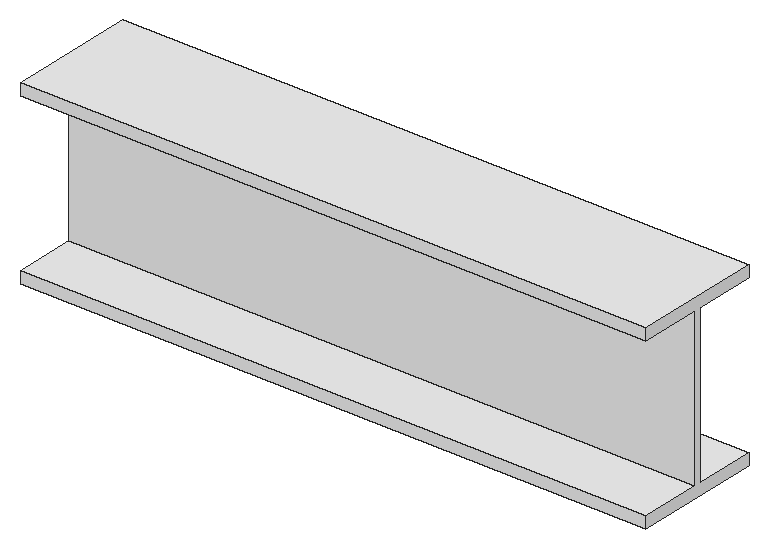
Revit family "VS - CVS de vigas soldadas", category Quadro estrutural, Revit 2019
Family settings
  Arredondamento do comprimento do framing estrutural = 1 mm
  Forma do corte = Não definido
  Material para o comportamento do modelo = Aço
  Exportar sempre como geometria = Não
  Sempre na vertical = Sim
  Corte com vazios quando carregada = Não
  Representação simbólica = Das configurações de projeto
  Compartilhado = Não
  Exibir o pré-corte da família na vista da planta = Sim
Parameters (values of type "CVS 350x118")
  d1 = d - 2 * tf  # 305.2 mm
  W = 0.118
  Type Comments = ""
  Structural Material [instance] = Metal - Aço - 250 MPa
  Assembly Code = ""
  Length [instance] = 1500 mm
  bf = 250 mm
  d = 350 mm
  tf = 22.4 mm
  tw = 12.5 mm
  A = 0.015 m²
Reference planes
  plane 1 "Centro (Frente/Trás)": y = 0
  plane 2: z = 0
  plane 3 "Centro (Esquerda/Direita)": x = 4.61
  plane 4 "Membro esquerdo": x = -604.99
  plane 5 "Membro direito": x = 614.21
  plane 6: y = 125
  plane 7: y = -125
  plane 8 "Superior": z = 175
  plane 9: z = -175
  plane 10 "Esquerda": x = -757.39
  plane 11 "Direita": x = 742.61
  plane 12: z = 152.6
  plane 13: z = -152.6
Forms (mm)
  Sweep 1, solid, material "Metal - Aço - 250 MPa" <- "Structural Material", detail levels medium+fine
    path origin (0, 0, 0) x (1, 0, 0) y (0, 1, 0)
      loop
        line (614.21, 0) -> (-604.99, 0)
    profile "WB-Vigas Soladas-Perfil : WB-Vigas Soladas-Perfil" origin (4.61, 0, 0) x (0, -1, 0) y (0, 0, 1)
      loop
        line (-125, -175) -> (125, -175) -> (125, -152.6) -> (6.25, -152.6) -> (6.25, 152.6) -> (125, 152.6) -> (125, 175) -> (-125, 175) -> (-125, 152.6) -> (-6.25, 152.6) -> (-6.25, -152.6) -> (-125, -152.6) -> (-125, -175)
Lines and regions (mm)
  symbolic lines, style "Faces ocultas", detail levels medium+fine
    curve 1: line (614.21, -6.25, 0) -> (-604.99, -6.25, 0)
    curve 2: line (614.21, 6.25, 0) -> (-604.99, 6.25, 0)
  symbolic lines, style "Símbolos de vara", detail levels coarse
    curve 3: line (4.61, 125, 175) -> (4.61, -125, 175)
    curve 4: line (4.61, -125, -175) -> (4.61, 125, -175)
    curve 5: line (4.61, 0, 175) -> (4.61, 0, -175)
Dimensions and locks
  "bf": plane 6 to plane 7
  "d": plane 9 to plane 8 "Superior"
  equal spacing: plane 9, plane 2, plane 8 "Superior"
  equal spacing: plane 6, plane 1 "Centro (Frente/Trás)", plane 7
  "Length": plane 10 "Esquerda" to plane 11 "Direita"
  "tw": curve 2 to curve 1
  equal spacing: curve 2, plane 1 "Centro (Frente/Trás)", curve 1
  equal spacing: plane 12, plane 2, plane 13
  "d1": plane 12 to plane 13
  aligned and locked: Sweep 1 sketch curve to plane 1 "Centro (Frente/Trás)"
  aligned and locked: plane 4 "Membro esquerdo" to Sweep 1 sketch curve
  aligned and locked: plane 5 "Membro direito" to Sweep 1 sketch curve
  aligned and locked: plane 4 "Membro esquerdo" to curve 1
  aligned and locked: plane 5 "Membro direito" to curve 1
  aligned and locked: plane 4 "Membro esquerdo" to curve 2
  aligned and locked: plane 5 "Membro direito" to curve 2
Automatic sketch dimensions
  curve 5 to plane 1 "Centro (Frente/Trás)" = 0 mm
  curve 3 to plane 7 = 0 mm
  curve 4 to plane 7 = 0 mm
  curve 4 to plane 6 = 0 mm
  curve 3 to plane 6 = 0 mm
  plane 9 to curve 4 = 0 mm
  plane 8 "Superior" to curve 5 = 0 mm
Types in the file's own list only (113): name | d1 | W | bf | d | tf | tw | A
  CVS 300x47 | 281 mm | 0.0475 | 200 mm | 300 mm | 10 mm | 8 mm | 0.01 m²
  CVS 300x57 | 275 mm | 0.0565 | 200 mm | 300 mm | 13 mm | 8 mm | 0.01 m²
  CVS 300x67 | 268 mm | 0.0671 | 200 mm | 300 mm | 16 mm | 8 mm | 0.01 m²
  CVS 300x70 | 268 mm | 0.0702 | 200 mm | 300 mm | 16 mm | 10 mm | 0.01 m²
  CVS 300x79 | 262 mm | 0.0792 | 200 mm | 300 mm | 19 mm | 10 mm | 0.01 m²
  CVS 300x85 | 262 mm | 0.0854 | 200 mm | 300 mm | 19 mm | 13 mm | 0.01 m²
  CVS 300x95 | 255 mm | 0.0954 | 200 mm | 300 mm | 22 mm | 13 mm | 0.01 m²
  CVS 300x55 | 281 mm | 0.0549 | 250 mm | 300 mm | 10 mm | 8 mm | 0.01 m²
  CVS 300x66 | 275 mm | 0.0663 | 250 mm | 300 mm | 13 mm | 8 mm | 0.01 m²
  CVS 300x80 | 268 mm | 0.0796 | 250 mm | 300 mm | 16 mm | 8 mm | 0.01 m²
  CVS 300x83 | 268 mm | 0.0828 | 250 mm | 300 mm | 16 mm | 10 mm | 0.01 m²
  CVS 300x94 | 262 mm | 0.0941 | 250 mm | 300 mm | 19 mm | 10 mm | 0.01 m²
  CVS 300x100 | 262 mm | 0.1 | 250 mm | 300 mm | 19 mm | 13 mm | 0.01 m²
  CVS 300x113 | 255 mm | 0.113 | 250 mm | 300 mm | 22 mm | 13 mm | 0.01 m²
  CVS 350x73 | 325 mm | 0.0733 | 250 mm | 350 mm | 13 mm | 10 mm | 0.01 m²
  CVS 350x87 | 318 mm | 0.0865 | 250 mm | 350 mm | 16 mm | 10 mm | 0.01 m²
  CVS 350x98 | 312 mm | 0.0978 | 250 mm | 350 mm | 19 mm | 10 mm | 0.01 m²
  CVS 350x105 | 312 mm | 0.105 | 250 mm | 350 mm | 19 mm | 13 mm | 0.01 m²
  CVS 350x128 | 300 mm | 0.128 | 250 mm | 350 mm | 25 mm | 13 mm | 0.02 m²
  CVS 350x136 | 300 mm | 0.136 | 250 mm | 350 mm | 25 mm | 16 mm | 0.02 m²
  CVS 400x82 | 375 mm | 0.0824 | 300 mm | 400 mm | 13 mm | 8 mm | 0.01 m²
  CVS 400x87 | 375 mm | 0.0688 | 300 mm | 400 mm | 13 mm | 10 mm | 0.01 m²
  CVS 400x103 | 368 mm | 0.103 | 300 mm | 400 mm | 16 mm | 10 mm | 0.01 m²
  CVS 400x116 | 362 mm | 0.116 | 300 mm | 400 mm | 19 mm | 10 mm | 0.01 m²
  CVS 400x125 | 362 mm | 0.125 | 300 mm | 400 mm | 19 mm | 13 mm | 0.02 m²
  CVS 400x140 | 355 mm | 0.14 | 300 mm | 400 mm | 22 mm | 13 mm | 0.02 m²
  CVS 400x152 | 350 mm | 0.152 | 300 mm | 400 mm | 25 mm | 13 mm | 0.02 m²
  CVS 400x162 | 350 mm | 0.162 | 300 mm | 400 mm | 25 mm | 16 mm | 0.02 m²
  CVS 450x116 | 418 mm | 0.116 | 300 mm | 450 mm | 16 mm | 13 mm | 0.01 m²
  CVS 450x130 | 412 mm | 0.13 | 300 mm | 450 mm | 19 mm | 13 mm | 0.02 m²
  CVS 450x141 | 412 mm | 0.141 | 300 mm | 450 mm | 19 mm | 16 mm | 0.02 m²
  CVS 450x156 | 405 mm | 0.156 | 300 mm | 450 mm | 22 mm | 16 mm | 0.02 m²
  CVS 450x168 | 400 mm | 0.168 | 300 mm | 450 mm | 25 mm | 16 mm | 0.02 m²
  CVS 450x177 | 400 mm | 0.177 | 300 mm | 450 mm | 25 mm | 19 mm | 0.02 m²
  CVS 450x188 | 400 mm | 0.188 | 300 mm | 450 mm | 25 mm | 22 mm | 0.02 m²
  CVS 450x206 | 387 mm | 0.206 | 300 mm | 450 mm | 32 mm | 19 mm | 0.03 m²
  CVS 450x216 | 387 mm | 0.216 | 300 mm | 450 mm | 32 mm | 22 mm | 0.03 m²
  CVS 500x123 | 468 mm | 0.123 | 350 mm | 500 mm | 16 mm | 10 mm | 0.02 m²
  CVS 500x134 | 468 mm | 0.134 | 350 mm | 500 mm | 16 mm | 13 mm | 0.02 m²
  CVS 500x150 | 462 mm | 0.15 | 350 mm | 500 mm | 19 mm | 13 mm | 0.02 m²
  CVS 500x162 | 462 mm | 0.162 | 350 mm | 500 mm | 19 mm | 16 mm | 0.02 m²
  CVS 500x180 | 455 mm | 0.18 | 350 mm | 500 mm | 22 mm | 16 mm | 0.02 m²
  CVS 500x194 | 450 mm | 0.194 | 350 mm | 500 mm | 25 mm | 16 mm | 0.02 m²
  CVS 500x204 | 450 mm | 0.204 | 350 mm | 500 mm | 25 mm | 19 mm | 0.03 m²
  CVS 500x217 | 450 mm | 0.217 | 350 mm | 500 mm | 25 mm | 22 mm | 0.05 m²
  CVS 500x238 | 437 mm | 0.238 | 350 mm | 500 mm | 32 mm | 19 mm | 0.03 m²
  CVS 500x250 | 437 mm | 0.25 | 350 mm | 500 mm | 32 mm | 22 mm | 0.03 m²
  CVS 500x259 | 437 mm | 0.259 | 350 mm | 500 mm | 32 mm | 25 mm | 0.03 m²
  CVS 500x281 | 425 mm | 0.281 | 350 mm | 500 mm | 38 mm | 22 mm | 0.04 m²
  CVS 500x314 | 412 mm | 0.314 | 350 mm | 500 mm | 44 mm | 22 mm | 0.04 m²
  CVS 550x184 | 512 mm | 0.184 | 400 mm | 550 mm | 19 mm | 16 mm | 0.02 m²
  CVS 550x204 | 505 mm | 0.204 | 400 mm | 550 mm | 22 mm | 16 mm | 0.03 m²
  CVS 550x220 | 500 mm | 0.22 | 400 mm | 550 mm | 25 mm | 16 mm | 0.03 m²
  CVS 550x232 | 500 mm | 0.232 | 400 mm | 550 mm | 25 mm | 19 mm | 0.03 m²
  CVS 550x245 | 500 mm | 0.245 | 400 mm | 550 mm | 25 mm | 22 mm | 0.03 m²
  CVS 550x270 | 487 mm | 0.27 | 400 mm | 550 mm | 32 mm | 19 mm | 0.03 m²
  CVS 550x283 | 487 mm | 0.283 | 400 mm | 550 mm | 32 mm | 22 mm | 0.04 m²
  CVS 550x293 | 487 mm | 0.293 | 400 mm | 550 mm | 32 mm | 25 mm | 0.04 m²
  CVS 550x319 | 475 mm | 0.319 | 400 mm | 550 mm | 38 mm | 22 mm | 0.04 m²
  CVS 550x329 | 475 mm | 0.329 | 400 mm | 550 mm | 38 mm | 25 mm | 0.04 m²
  CVS 550x357 | 462 mm | 0.367 | 400 mm | 550 mm | 44 mm | 22 mm | 0.05 m²
  CVS 550x367 | 462 mm | 0.367 | 400 mm | 550 mm | 44 mm | 25 mm | 0.05 m²
  CVS 600x156 | 568 mm | 0.156 | 400 mm | 600 mm | 16 mm | 13 mm | 0.02 m²
  CVS 600x190 | 562 mm | 0.19 | 400 mm | 600 mm | 19 mm | 16 mm | 0.02 m²
  CVS 600x210 | 555 mm | 0.21 | 400 mm | 600 mm | 22 mm | 16 mm | 0.03 m²
  CVS 600x226 | 550 mm | 0.226 | 400 mm | 600 mm | 25 mm | 16 mm | 0.03 m²
  CVS 600x239 | 550 mm | 0.239 | 400 mm | 600 mm | 25 mm | 19 mm | 0.03 m²
  CVS 600x278 | 537 mm | 0.278 | 400 mm | 600 mm | 32 mm | 19 mm | 0.04 m²
  CVS 600x292 | 537 mm | 0.292 | 400 mm | 600 mm | 32 mm | 22 mm | 0.04 m²
  CVS 600x328 | 525 mm | 0.328 | 400 mm | 600 mm | 38 mm | 22 mm | 0.04 m²
  CVS 600x339 | 525 mm | 0.339 | 400 mm | 600 mm | 38 mm | 25 mm | 0.04 m²
  CVS 600x367 | 512 mm | 0.367 | 400 mm | 600 mm | 44 mm | 22 mm | 0.05 m²
  CVS 600x412 | 500 mm | 0.412 | 400 mm | 600 mm | 50 mm | 25 mm | 0.05 m²
  CVS 600x211 | 612 mm | 0.211 | 450 mm | 650 mm | 19 mm | 16 mm | 0.03 m²
  CVS 650x234 | 605 mm | 0.234 | 450 mm | 650 mm | 22 mm | 16 mm | 0.03 m²
  CVS 650x252 | 600 mm | 0.252 | 450 mm | 650 mm | 25 mm | 16 mm | 0.03 m²
  CVS 650x266 | 600 mm | 0.266 | 450 mm | 650 mm | 25 mm | 19 mm | 0.03 m²
  CVS 650x282 | 600 mm | 0.282 | 450 mm | 650 mm | 25 mm | 22 mm | 0.04 m²
  CVS 650x310 | 587 mm | 0.31 | 450 mm | 650 mm | 32 mm | 19 mm | 0.04 m²
  CVS 650x326 | 587 mm | 0.326 | 450 mm | 650 mm | 32 mm | 22 mm | 0.04 m²
  CVS 650x351 | 575 mm | 0.361 | 450 mm | 650 mm | 38 mm | 19 mm | 0.04 m²
  CVS 650x366 | 575 mm | 0.366 | 450 mm | 650 mm | 38 mm | 22 mm | 0.05 m²
  CVS 650x410 | 562 mm | 0.41 | 450 mm | 650 mm | 44 mm | 22 mm | 0.05 m²
  CVS 650x461 | 550 mm | 0.461 | 450 mm | 650 mm | 50 mm | 25 mm | 0.06 m²
  CVS 700x199 | 662 mm | 0.199 | 450 mm | 700 mm | 19 mm | 13 mm | 0.03 m²
  CVS 700x217 | 662 mm | 0.217 | 450 mm | 700 mm | 19 mm | 16 mm | 0.03 m²
  CVS 700x258 | 650 mm | 0.258 | 450 mm | 700 mm | 25 mm | 16 mm | 0.03 m²
  CVS 700x274 | 650 mm | 0.274 | 450 mm | 700 mm | 25 mm | 19 mm | 0.03 m²
  CVS 700x303 | 637 mm | 0.303 | 450 mm | 700 mm | 32 mm | 16 mm | 0.04 m²
  CVS 700x318 | 637 mm | 0.318 | 450 mm | 700 mm | 32 mm | 19 mm | 0.04 m²
  CVS 750x284 | 700 mm | 0.384 | 500 mm | 750 mm | 25 mm | 16 mm | 0.04 m²
  CVS 750x301 | 700 mm | 0.301 | 500 mm | 750 mm | 25 mm | 19 mm | 0.04 m²
  CVS 750x334 | 687 mm | 0.334 | 500 mm | 750 mm | 32 mm | 16 mm | 0.04 m²
  CVS 750x350 | 687 mm | 0.35 | 500 mm | 750 mm | 32 mm | 19 mm | 0.04 m²
  CVS 800x271 | 755 mm | 0.271 | 500 mm | 800 mm | 22 mm | 16 mm | 0.03 m²
  CVS 800x290 | 750 mm | 0.29 | 500 mm | 800 mm | 25 mm | 16 mm | 0.04 m²
  CVS 800x308 | 750 mm | 0.308 | 500 mm | 800 mm | 25 mm | 19 mm | 0.04 m²
  CVS 800x340 | 737 mm | 0.34 | 500 mm | 800 mm | 32 mm | 16 mm | 0.04 m²
  CVS 800x357 | 737 mm | 0.367 | 500 mm | 800 mm | 32 mm | 19 mm | 0.05 m²
  CVS 850x297 | 800 mm | 0.297 | 500 mm | 850 mm | 25 mm | 16 mm | 0.04 m²
  CVS 850x316 | 800 mm | 0.316 | 500 mm | 850 mm | 25 mm | 19 mm | 0.04 m²
  CVS 850x346 | 787 mm | 0.346 | 500 mm | 850 mm | 32 mm | 16 mm | 0.04 m²
  CVS 850x365 | 787 mm | 0.365 | 500 mm | 850 mm | 32 mm | 19 mm | 0.05 m²
  CVS 900x323 | 850 mm | 0.323 | 550 mm | 900 mm | 25 mm | 16 mm | 0.04 m²
  CVS 900x343 | 850 mm | 0.343 | 550 mm | 900 mm | 25 mm | 19 mm | 0.04 m²
  CVS 900x377 | 837 mm | 0.377 | 550 mm | 900 mm | 32 mm | 16 mm | 0.05 m²
  CVS 900x397 | 837 mm | 0.397 | 550 mm | 900 mm | 32 mm | 19 mm | 0.05 m²
  CVS 950x329 | 900 mm | 0.329 | 550 mm | 950 mm | 25 mm | 16 mm | 0.04 m²
  CVS 950x350 | 900 mm | 0.35 | 550 mm | 950 mm | 25 mm | 19 mm | 0.04 m²
  CVS 950x383 | 887 mm | 0.383 | 550 mm | 950 mm | 32 mm | 16 mm | 0.05 m²
  CVS 950x404 | 887 mm | 0.404 | 550 mm | 950 mm | 32 mm | 19 mm | 0.05 m²
  CVS 1000x355 | 950 mm | 0.355 | 600 mm | 1000 mm | 25 mm | 16 mm | 0.05 m²
  CVS 1000x414 | 937 mm | 0.414 | 600 mm | 1000 mm | 32 mm | 16 mm | 0.05 m²
